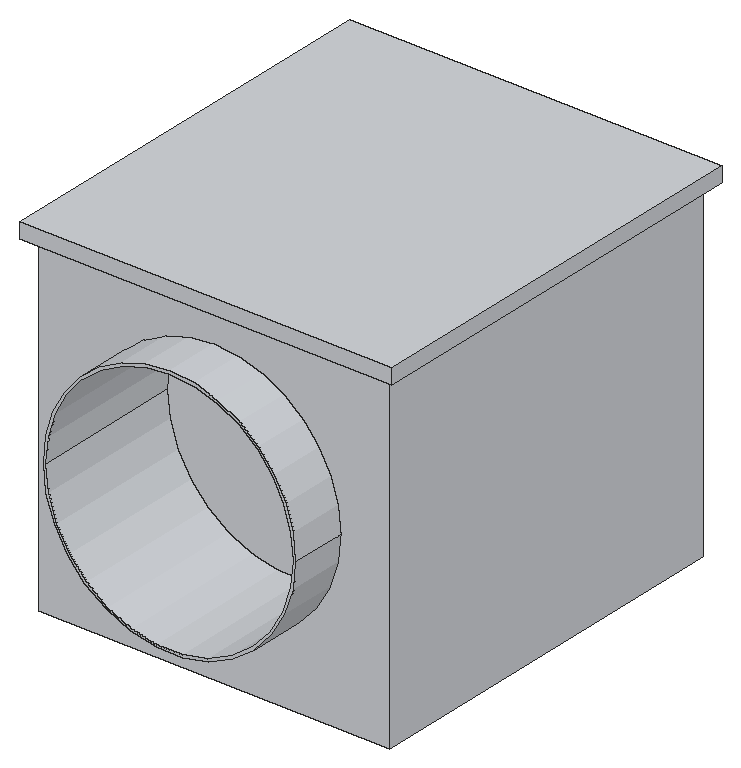
Revit family "4.Кассетный воздушный фильтр для круглых каналов FKS", category Оборудование, Revit 2016
Family settings
  Тип детали = Нормальный
  Размер круглого соединителя = Использовать диаметр
  На основе рабочей плоскости = Нет
  Всегда вертикально = Да
  При загрузке вырезать с полостями = Нет
  Общий = Нет
  Точка расчета площади = Нет
Parameters (values of type "100")
  отступ = 60 mm
  ножки(да/нет) [instance] = no
  Частотный преобразователь [instance] = no
  Тип, марка, обозначение = "FKS 100"
  Силовой кабель/количество = ""
  Сила тока J, А = ""
  Регулятор расхода [instance] = no
  Раздел = "ОВ"
  Примечание = ""
  Позиция = ""
  Напряжение U,В = ""
  Наименование и тех.хар-ка = "Кассетный воздушный фильтр для круглых каналов"  # constant formula
  Материал = Сталь серая
  Масса единицы = "0.8 кг"
  Заправочный объем, л = 0.40 m³
  Д1 = Д * 0.98  # 98 mm
  Б = 138 mm
  А = 139 mm
  Код, оборудования = ""
  Ключевая пометка = "Вентиляция"
  Задание электрикам [instance] = no
  Задание автоматчикам [instance] = no
  Завод изготовитель = "KORF"  # constant formula
  Единица измерения = "шт."  # constant formula
  Д = 100 mm
Types (6, lengths in mm): name | Тип, марка, обозначение | Масса единицы | Д1 | Б | А | Д
  100 | "FKS 100" | "0.8 кг" | 98 | 138 | 139 | 100
  125 | "FKS 125" | "1 кг" | 122.5 | 168 | 169 | 125
  160 | "FKS 160" | "1.2 кг" | 156.8 | 198 | 199 | 160
  200 | "FKS 200" | "1.6 кг" | 196 | 243 | 244 | 200
  250 | "FKS 250" | "2 кг" | 245 | 293 | 294 | 250
  315 | "FKS 315" | "2.4 кг" | 308.7 | 358 | 359 | 315
Reference planes
  plane 1 "По центру (Вперед/Назад)": y = 0
  plane 2: z = 0
  plane 3 "По центру (Влево/Вправо)": x = 0
  plane 4: x = -69.5
  plane 5: z = -69
  plane 6: x = 69.5
  plane 7: z = 69
  plane 8: y = 77.5
  plane 9: y = -77.5
  plane 10: y = 99.405
  plane 11: y = -99.405
  plane 12: y = -39.405
  plane 13: y = 39.405
Forms (mm)
  Extrusion 1, void, not visible
    sketch origin (-345, -245, 50) x (0, -1, 0) y (0, 0, -1)
      loop
        line (-477.965, -475) -> (-477.965, -450) -> (-528.913, -450) -> (-528.913, -475) -> (-477.965, -475)
    from -47.452 to 12
  Extrusion 2, solid, not visible
    sketch origin (5, 0, 2.041) x (0, 1, 0) y (0, 0, 1)
      loop
        line (45, 112.959) -> (-45, 112.959) -> (-45, 82.959) -> (45, 82.959) -> (45, 112.959)
    from 0 to -69.911
  Extrusion 3, solid, not visible
    sketch origin (5, -2.888, -8.59) x (0, 0.352122, 0.935954) y (0, -0.935954, 0.352122)
      loop
        line (45, 114.532) -> (-19.8, 114.532) -> (-19.8, 90.2) -> (45, 90.2) -> (45, 114.532)
    from 0 to -69.911
  Sweep 4, solid, not visible
    path origin (5, 0, -1.25) x (0, 1, 0) y (0, 0, 1)
      loop
        line (-45, 97.266) -> (-60.734, 97.266)
        arc (-60.734, 97.266) -> (-72.348, 93.548) -> (-79.645, 83.777) r 20
        line (-79.645, 83.777) -> (-105.929, 7.442)
    profile origin (5, -52.867, 96.016) x (0, 0, -1) y (1, 0, 0)
      loop
        circle (0, -63.75) r 3
  Extrusion 5, solid, not visible
    sketch origin (0, 0, 47.041) x (0, 1, 0) y (0, 0, 1)
      loop
        line (45, 112.959) -> (-45, 112.959) -> (-45, 82.959) -> (45, 82.959) -> (45, 112.959)
    from 0 to -93.323
  Extrusion 6, solid, not visible
    sketch origin (0, -40.257, 23.842) x (0, 0.679881, 0.733322) y (0, -0.733322, 0.679881)
      loop
        line (45, 114.532) -> (-19.8, 114.532) -> (-19.8, 90.2) -> (45, 90.2) -> (45, 114.532)
    from 0 to -93.323
  Sweep 7, solid, not visible
    path origin (0, 0, 43.75) x (0, 1, 0) y (0, 0, 1)
      loop
        line (-45, 97.266) -> (-54.952, 97.266)
        arc (-54.952, 97.266) -> (-71.221, 93.808) -> (-84.677, 84.031) r 40
        line (-84.677, 84.031) -> (-132.472, 30.95)
    profile origin (0, -49.976, 141.016) x (0, 0, -1) y (1, 0, 0)
      loop
        circle (0, -63.75) r 3
  Extrusion 8, solid, detail levels fine
    sketch origin (-4.653, 1.084, 0) x (1, 0, 0) y (0, 0, 1)
      loop
        line (-64.847, 69) -> (-64.847, -69) -> (74.153, -69) -> (74.153, 69) -> (-64.847, 69)
    from -76.416 to 78.584
  Extrusion 9, solid, detail levels fine
    sketch origin (0, 0, 0) x (1, 0, 0) y (0, 0, 1)
      loop
        circle (0, 0) r 50
    from -99.405 to 99.405
  Extrusion 10, void
    sketch origin (0, 0, 0) x (1, 0, 0) y (0, 0, 1)
      loop
        circle (0, 0) r 49
    from 39.405 to 99.405
  Extrusion 11, void
    sketch origin (0, 0, 0) x (1, 0, 0) y (0, 0, -1)
      loop
        circle (0, 0) r 49
    from 39.405 to 99.405
  Sweep 12, solid, detail levels fine
    path in 3D
      loop
        line (-69.5, -77.5, 69) -> (-69.5, 77.5, 69) -> (69.5, 77.5, 69) -> (69.5, -77.5, 69) -> (-69.5, -77.5, 69)
    profile origin (0, -77.5, 69) x (0, -1, 0) y (0, 0, 1)
      loop
        line (0, 0) -> (0, -6) -> (4, -6) -> (4, 0) -> (0, 0)
Cuts and joins
  Extrusion 10, Extrusion 11 cuts Extrusion 8
  Extrusion 10, Extrusion 11 cuts Extrusion 9
  joined: Extrusion 8, Extrusion 9, Sweep 12
Lines and regions (mm)
  sketch lines
    curve 1: line (69.5, -77.5, 69) -> (-69.5, -77.5, 69)
    curve 2: line (69.5, -77.5, 69) -> (69.5, 77.5, 69)
    curve 3: line (-69.5, 77.5, 69) -> (69.5, 77.5, 69)
    curve 4: line (-69.5, -77.5, 69) -> (-69.5, 77.5, 69)
  model lines, detail levels coarse
    curve 5: line (-69.5, 99.405, 0) -> (69.5, 99.405, 0)
    curve 6: line (-69.5, -99.405, 0) -> (-69.5, 99.405, 0)
    curve 7: line (69.5, -99.405, 0) -> (-69.5, -99.405, 0)
    curve 8: line (69.5, 99.405, 0) -> (69.5, -99.405, 0)
    curve 9: line (-66.895, -31.635, 0) -> (-64.854, -31.635, 0)
    curve 10: line (-64.854, -31.635, 0) -> (-55.104, 47.769, 0)
    curve 11: line (-55.104, 47.769, 0) -> (-45.104, 47.769, 0)
    curve 12: line (-35.354, -31.635, 0) -> (-45.104, 47.769, 0)
    curve 13: line (-35.354, -31.635, 0) -> (-30.354, -31.635, 0)
    curve 14: line (-30.354, -31.635, 0) -> (-20.605, 47.769, 0)
    curve 15: line (-20.605, 47.769, 0) -> (-10.605, 47.769, 0)
    curve 16: line (-0.855, -31.635, 0) -> (-10.605, 47.769, 0)
    curve 17: line (-0.855, -31.635, 0) -> (4.145, -31.635, 0)
    curve 18: line (4.145, -31.635, 0) -> (13.894, 47.769, 0)
    curve 19: line (13.894, 47.769, 0) -> (23.894, 47.769, 0)
    curve 20: line (33.644, -31.635, 0) -> (23.894, 47.769, 0)
    curve 21: line (33.644, -31.635, 0) -> (38.644, -31.635, 0)
    curve 22: line (38.644, -31.635, 0) -> (48.393, 47.769, 0)
    curve 23: line (48.393, 47.769, 0) -> (58.393, 47.769, 0)
    curve 24: line (68.143, -31.635, 0) -> (58.393, 47.769, 0)
  model lines, not visible, detail levels coarse
    curve 25: line (-66.895, -31.635, 0) -> (-64.854, -31.635, 0)
    curve 26: line (-64.854, -31.635, 0) -> (-55.104, 47.769, 0)
    curve 27: line (-55.104, 47.769, 0) -> (-45.104, 47.769, 0)
    curve 28: line (-35.354, -31.635, 0) -> (-45.104, 47.769, 0)
    curve 29: line (-35.354, -31.635, 0) -> (-30.354, -31.635, 0)
    curve 30: line (-30.354, -31.635, 0) -> (-20.605, 47.769, 0)
    curve 31: line (-20.605, 47.769, 0) -> (-10.605, 47.769, 0)
    curve 32: line (-0.855, -31.635, 0) -> (-10.605, 47.769, 0)
    curve 33: line (-0.855, -31.635, 0) -> (4.145, -31.635, 0)
    curve 34: line (4.145, -31.635, 0) -> (13.894, 47.769, 0)
    curve 35: line (13.894, 47.769, 0) -> (23.894, 47.769, 0)
    curve 36: line (33.644, -31.635, 0) -> (23.894, 47.769, 0)
    curve 37: line (33.644, -31.635, 0) -> (38.644, -31.635, 0)
    curve 38: line (38.644, -31.635, 0) -> (48.393, 47.769, 0)
    curve 39: line (48.393, 47.769, 0) -> (58.393, 47.769, 0)
    curve 40: line (68.143, -31.635, 0) -> (58.393, 47.769, 0)
  model lines, detail levels medium
    curve 41: line (0, 99.405, 69) -> (0, -99.405, 69)
    curve 42: line (0, 99.405, -69) -> (0, 99.405, 69)
    curve 43: line (0, -99.405, -69) -> (0, 99.405, -69)
    curve 44: line (0, -99.405, 69) -> (0, -99.405, -69)
    curve 45: line (0, 31.356, 65.18) -> (0, 31.356, 60.18)
    curve 46: line (0, 31.356, 60.18) -> (0, -43.358, 53.643)
    curve 47: line (0, -43.358, 53.643) -> (0, -43.358, 43.643)
    curve 48: line (0, 31.356, 37.106) -> (0, -43.358, 43.643)
    curve 49: line (0, 31.356, 37.106) -> (0, 31.356, 32.106)
    curve 50: line (0, 31.356, 32.106) -> (0, -43.358, 25.57)
    curve 51: line (0, -43.358, 25.57) -> (0, -43.358, 15.57)
    curve 52: line (0, 31.356, 9.033) -> (0, -43.358, 15.57)
    curve 53: line (0, 31.356, 9.033) -> (0, 31.356, 4.033)
    curve 54: line (0, 31.356, 4.033) -> (0, -43.358, -2.504)
    curve 55: line (0, -43.358, -2.504) -> (0, -43.358, -12.504)
    curve 56: line (0, 31.356, -19.04) -> (0, -43.358, -12.504)
    curve 57: line (0, 31.356, -19.04) -> (0, 31.356, -24.04)
    curve 58: line (0, 31.356, -24.04) -> (0, -43.358, -30.577)
    curve 59: line (0, -43.358, -30.577) -> (0, -43.358, -40.577)
    curve 60: line (0, 31.356, -47.114) -> (0, -43.358, -40.577)
    curve 61: line (0, 31.356, -47.114) -> (0, 31.356, -52.114)
    curve 62: line (0, 31.356, -52.114) -> (0, -43.358, -58.65)
    curve 63: line (0, -43.358, -58.65) -> (0, -43.358, -65.5)
  model lines, not visible, detail levels medium
    curve 64: line (0, 31.356, 65.18) -> (0, 31.356, 60.18)
    curve 65: line (0, 31.356, 60.18) -> (0, -43.358, 53.643)
    curve 66: line (0, -43.358, 53.643) -> (0, -43.358, 43.643)
    curve 67: line (0, 31.356, 37.106) -> (0, -43.358, 43.643)
    curve 68: line (0, 31.356, 37.106) -> (0, 31.356, 32.106)
    curve 69: line (0, 31.356, 32.106) -> (0, -43.358, 25.57)
    curve 70: line (0, -43.358, 25.57) -> (0, -43.358, 15.57)
    curve 71: line (0, 31.356, 9.033) -> (0, -43.358, 15.57)
    curve 72: line (0, 31.356, 9.033) -> (0, 31.356, 4.033)
    curve 73: line (0, 31.356, 4.033) -> (0, -43.358, -2.504)
    curve 74: line (0, -43.358, -2.504) -> (0, -43.358, -12.504)
    curve 75: line (0, 31.356, -19.04) -> (0, -43.358, -12.504)
    curve 76: line (0, 31.356, -19.04) -> (0, 31.356, -24.04)
    curve 77: line (0, 31.356, -24.04) -> (0, -43.358, -30.577)
    curve 78: line (0, -43.358, -30.577) -> (0, -43.358, -40.577)
    curve 79: line (0, 31.356, -47.114) -> (0, -43.358, -40.577)
    curve 80: line (0, 31.356, -47.114) -> (0, 31.356, -52.114)
    curve 81: line (0, 31.356, -52.114) -> (0, -43.358, -58.65)
    curve 82: line (0, -43.358, -58.65) -> (0, -43.358, -65.5)
Dimensions and locks
  locked: Extrusion 3 sketch curve to Extrusion 3 sketch curve at 24.332
  locked: Extrusion 3 sketch curve to Extrusion 3 sketch curve at 64.8
  locked: Extrusion 2 sketch curve to Extrusion 2 sketch curve at 30
  locked: Extrusion 6 sketch curve to Extrusion 6 sketch curve at 24.332
  locked: Extrusion 6 sketch curve to Extrusion 6 sketch curve at 64.8
  locked: Extrusion 5 sketch curve to Extrusion 5 sketch curve at 30
  equal spacing: plane 6, plane 3 "По центру (Влево/Вправо)", plane 4
  "А": plane 4 to plane 6
  equal spacing: plane 7, level, plane 5
  "Б": plane 7 to plane 5
  equal spacing: plane 8, plane 1 "По центру (Вперед/Назад)", plane 9
  locked: plane 8 to plane 9 at 155
  equal spacing: plane 10, plane 1 "По центру (Вперед/Назад)", plane 11
  locked: plane 11 to plane 10 at 198.81
  "отступ": plane 11 to plane 12
  "отступ": plane 10 to plane 13
  "Д": diameter of Extrusion 9 sketch curve
  "Д1": diameter of Extrusion 10 sketch curve
  "Д1": diameter of Extrusion 11 sketch curve
  aligned and locked: level to plane 2
  aligned and locked: plane 8 to Extrusion 8
  aligned and locked: Extrusion 8 to plane 9
  aligned and locked: plane 10 to Extrusion 9
  aligned and locked: plane 11 to Extrusion 9
  aligned and locked: plane 11 to Extrusion 10
  aligned and locked: plane 10 to Extrusion 11
  aligned and locked: plane 13 to Extrusion 11
  aligned and locked: Extrusion 10 to plane 12
  aligned and locked: curve 5 to plane 10
  aligned and locked: plane 4 to curve 6
  aligned and locked: curve 7 to plane 11
  aligned and locked: plane 6 to curve 8
  aligned and locked: curve 41 to plane 7
  aligned and locked: plane 10 to curve 42
  aligned and locked: curve 43 to plane 5
  aligned and locked: plane 11 to curve 44
Automatic sketch dimensions
  Extrusion 5 sketch curve to Extrusion 5 sketch curve = 90 mm
  Sweep 7 sketch curve to Sweep 7 sketch curve = 29.726 mm
  Sweep 7 sketch curve to Sweep 7 sketch curve = 26.765 mm
  Sweep 7 sketch curve to Sweep 7 sketch curve = 47.795 mm
  Sweep 7 sketch curve to Sweep 7 sketch curve = 9.952 mm
  Sweep 7 sketch curve to Sweep 7 sketch curve = 53.081 mm
  Extrusion 2 sketch curve to Extrusion 2 sketch curve = 90 mm
  Sweep 4 sketch curve to Sweep 4 sketch curve = 18.91 mm
  Sweep 4 sketch curve to Sweep 4 sketch curve = 6.511 mm
  Sweep 4 sketch curve to Sweep 4 sketch curve = 26.284 mm
  Sweep 4 sketch curve to Sweep 4 sketch curve = 15.734 mm
  Sweep 4 sketch curve to Sweep 4 sketch curve = 76.336 mm
  Extrusion 8 sketch curve to plane 4 = 0 mm
  Extrusion 8 sketch curve to plane 5 = 0 mm
  plane 6 to Extrusion 8 sketch curve = 0 mm
  Extrusion 8 sketch curve to plane 7 = 0 mm
  Sweep 12 sketch curve to profile plane = 0 mm  (x2)
  Sweep 12 sketch curve to profile plane = 4 mm
  Sweep 12 sketch curve to Sweep 12 sketch curve = 6 mm
  Extrusion 9 sketch curve to level = 0 mm
  Extrusion 9 sketch curve to plane 3 "По центру (Влево/Вправо)" = 0 mm
  Extrusion 10 sketch curve to level = 0 mm
  Extrusion 10 sketch curve to plane 3 "По центру (Влево/Вправо)" = 0 mm
  Extrusion 11 sketch curve to level = 0 mm
  Extrusion 11 sketch curve to plane 3 "По центру (Влево/Вправо)" = 0 mm
  radius of Sweep 7 sketch curve = 3 mm
  radius of Sweep 4 sketch curve = 3 mm
Nested families
  nested 1: "крепление 15мм" at (-330, 229.965, 495), type "крепление 15мм", not visible
Connectors
  hvac at (0, -99.405, 0), driven by "Д"
    settings: on cut or joined group of Extrusion 8, Extrusion 9, Extrusion 10, Extrusion 11, Sweep 12, index 1, duct flow 0.0 L/s, flow factor 0, pres drop 0.0 Pa, loss coef 0, conn angle 0.00°, conn width 304.8 mm, conn height 304.8 mm, conn diameter 100 mm, duct sys type 28, conn prof type 0, flow config 0, flow direction 0, loss method 0, conn ref index 2, conn util no, is conn primary yes, conn desc ""
  hvac at (0, 99.405, 0), driven by "Д"
    settings: on cut or joined group of Extrusion 8, Extrusion 9, Extrusion 10, Extrusion 11, Sweep 12, index 2, duct flow 0.0 L/s, flow factor 0, pres drop 0.0 Pa, loss coef 0, conn angle 0.00°, conn width 304.8 mm, conn height 304.8 mm, conn diameter 100 mm, duct sys type 28, conn prof type 0, flow config 0, flow direction 0, loss method 0, conn ref index 1, conn util no, is conn primary no, conn desc ""
Definition of nested family "крепление 15мм"
  Parameters (values of type "крепление 15мм")
    Материал крепления = none
  Reference planes
    plane 1 "По центру (Вперед/Назад)": y = 0
    plane 2: z = 0
    plane 3 "По центру (Влево/Вправо)": x = 0
  Forms (mm)
    Extrusion 1, solid, material <- "Материал крепления"
      sketch origin (0, 0, 0) x (1, 0, 0) y (0, 1, 0)
        loop
          line (-25, 0) -> (0, 0) -> (0, 18.31) -> (0, 25) -> (-3, 25) -> (-3, 3) -> (-25, 3) -> (-25, 0)
      from 0 to 30
    Extrusion 2, void
      sketch origin (0, 0, 0) x (1, 0, 0) y (0, 1, 0)
        loop
          line (-3, 3) -> (-3, 54.96) -> (-58, 54.96) -> (-58, 3) -> (-3, 3)
      from 0 to 15
  Cuts and joins
    Extrusion 2 cuts Extrusion 1
  Dimensions and locks
    Extrusion 1 sketch curve to Extrusion 1 sketch curve = 3 mm  (x2)
    Extrusion 1 sketch curve to Extrusion 1 sketch curve to plane 3 "По центру (Влево/Вправо)" = 25 mm, 0 mm
    Extrusion 1 sketch curve to Extrusion 1 sketch curve = 25 mm
    aligned and locked: level to plane 2
